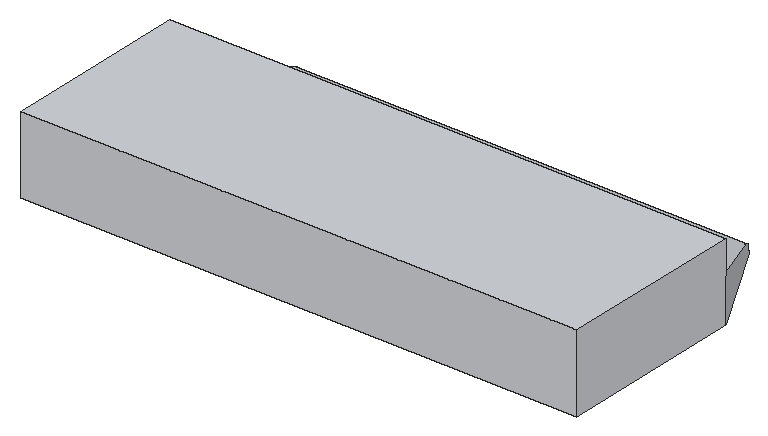
Revit family "M_Coifa - Sem dutos", category Terminais de ar, Revit 2019
Family settings
  Cota do conector redondo = Utilizar diâmetro
  Tipo de parte = Normal
  Número OmniClass = 23.40.40.14.21.11
  Título OmniClass = Food Service Hoods
  ID de item do Seek = Range Hood - Ductless-0000-CAN-ENU
  Com base no plano de trabalho = Não
  Sempre na vertical = Sim
  Corte com vazios quando carregada = Não
  Compartilhado = Não
  Ponto de cálculo do ambiente = Não
Parameters (values of type "910 mmx300 mm")
  Voltagem = 120 V
  Queda de pressão [instance] = 100.0 Pa
  Número de pólos = 1
  Classificação de carga = Refrigeração
  Material da coifa = none
  Comprimento da coifa = 910 mm
  Comprimento de meia coifa = 0.5 * Comprimento da coifa  # 455 mm
  C1 Deslocamento 2 = 145 mm
  C1 Deslocamento 1 = 130 mm
  Carga aparente [instance] = 252 VA
  Fluxo de ar [instance] = 85.0 L/s
Types (3, lengths in mm): name | Queda de pressão | Comprimento da coifa | Comprimento de meia coifa
  (no name) | 100.0 Pa | 910 | 455
  760 mmx300 mm | 50.0 Pa | 760 | 380
  910 mmx300 mm | 100.0 Pa | 910 | 455
Reference planes
  plane 1 "Centro (Frente/Trás)": y = 0
  plane 2: z = 0
  plane 3 "Centro (Esquerda/Direita)": x = 0
  plane 4: z = 127
  plane 5: y = -152.4
  plane 6: y = 152.4
  plane 7: x = -455
  plane 8: x = 455
  plane 9: z = 76.2
  plane 10: y = 314.325
  plane 11: y = 295.275
  plane 12: z = 4.763
Forms (mm)
  Extrusion 1, solid, material <- "Material da coifa"
    sketch origin (0, 0, 0) x (0, 1, 0) y (0, 0, 1)
      loop
        line (152.4, 0) -> (152.4, 127) -> (-152.4, 127) -> (-152.4, 0) -> (152.4, 0)
    from -455 to 455
  Extrusion 2, solid, material <- "Material da coifa"
    sketch origin (0, 0, 0) x (0, 1, 0) y (0, 0, 1)
      loop
        line (314.325, 0) -> (314.325, 4.763)
        arc (314.325, 4.763) -> (310.853, 15.728) -> (301.702, 22.696) r 19.05
        line (301.702, 22.696) -> (152.4, 76.2) -> (152.4, 0) -> (314.325, 0)
    from -455 to 455
  Extrusion 3, void
    sketch origin (0, 0, 0) x (1, 0, 0) y (0, 1, 0)
      loop
        line (-455, 152.4) -> (-361.513, 314.325) -> (-455, 314.325) -> (-455, 152.4)
      loop
        line (455, 152.4) -> (455, 314.325) -> (361.513, 314.325) -> (455, 152.4)
    from 0 to 127
Cuts and joins
  Extrusion 3 cuts Extrusion 1
  Extrusion 3 cuts Extrusion 2
  joined: Extrusion 1, Extrusion 2
Dimensions and locks
  locked: plane 4 to plane 2 at 127
  locked: plane 6 to plane 1 "Centro (Frente/Trás)" at 152.4
  locked: plane 1 "Centro (Frente/Trás)" to plane 5 at 152.4
  "Comprimento de meia coifa": plane 7 to plane 3 "Centro (Esquerda/Direita)"
  locked: plane 9 to plane 2 at 76.2
  locked: plane 10 to plane 6 at 161.925
  locked: plane 10 to plane 11 at 19.05
  plane 4 to plane 2 = 127 mm
  "C1 Deslocamento 2": connector elem to plane 7
  locked: plane 12 to plane 2 at 4.763
  "C1 Deslocamento 1": connector elem to plane 1 "Centro (Frente/Trás)"
  "Comprimento da coifa": plane 7 to plane 8
  radius of Extrusion 2 sketch curve = 19.05 mm
  locked: Extrusion 3 sketch curve to Extrusion 2 (angle 30.00°)
  locked: Extrusion 2 to Extrusion 3 sketch curve (angle 30.00°)
  aligned and locked: Extrusion 1 sketch curve to plane 6
  aligned and locked: plane 5 to Extrusion 1 sketch curve
  aligned and locked: Extrusion 1 to plane 7
  aligned and locked: Extrusion 1 to plane 8
  aligned and locked: plane 6 to Extrusion 2 sketch curve  (x2)
  aligned and locked: Extrusion 2 sketch curve to plane 2
  aligned and locked: plane 10 to Extrusion 2 sketch curve
  aligned and locked: Extrusion 2 to Extrusion 1
  aligned and locked: Extrusion 1 to Extrusion 2
  aligned and locked: plane 10 to Extrusion 3 sketch curve
  aligned and locked: plane 7 to Extrusion 3 sketch curve  (x2)
  aligned and locked: plane 6 to Extrusion 3 sketch curve  (x2)
  aligned and locked: Extrusion 3 sketch curve to plane 8
  aligned and locked: Extrusion 3 sketch curve to plane 10
  aligned and locked: plane 8 to Extrusion 3 sketch curve
  aligned and locked: Extrusion 3 to plane 2
  aligned and locked: plane 4 to Extrusion 3
  aligned and locked: plane 11 to Extrusion 2 sketch curve
  aligned and locked: plane 12 to Extrusion 2 sketch curve  (x2)
  aligned and locked: plane 9 to Extrusion 2 sketch curve
Automatic sketch dimensions
  Extrusion 1 sketch curve to level = 0 mm
  Extrusion 1 sketch curve to plane 4 = 0 mm
  Extrusion 2 sketch curve to plane 11 = 6.427 mm
  Extrusion 2 sketch curve to Extrusion 2 sketch curve = 0 mm
Connectors
  hvac at (0, 0, 127), driven by "Queda de pressão", driven by "Fluxo de ar"
    settings: on cut or joined group of Extrusion 1, Extrusion 2, Extrusion 3, index 1, duct flow 85.0 L/s, flow factor 0, pres drop 100.0 Pa, loss coef 0, conn angle 0.00°, conn width 304.8 mm, conn height 304.8 mm, conn diameter 254 mm, duct sys type 3, conn prof type 0, flow config 1, flow direction 2, loss method 4, conn ref index -1, conn util no, is conn primary yes, conn desc ""
  electrical at (-310, -130, 127), driven by "Carga aparente", driven by "Voltagem", driven by "Número de pólos", driven by "Classificação de carga"
    settings: on plane 4, index 2, voltage 120 V, apparent load 252 VA, apparent load phase1 0 VA, apparent load phase2 0 VA, apparent load phase3 0 VA, power factor 0.8, load classification "Refrigeração", number of poles 1, system type 30, power factor state 1, is connector primary yes, connector utility no, sub classification motor no, connector description ""
